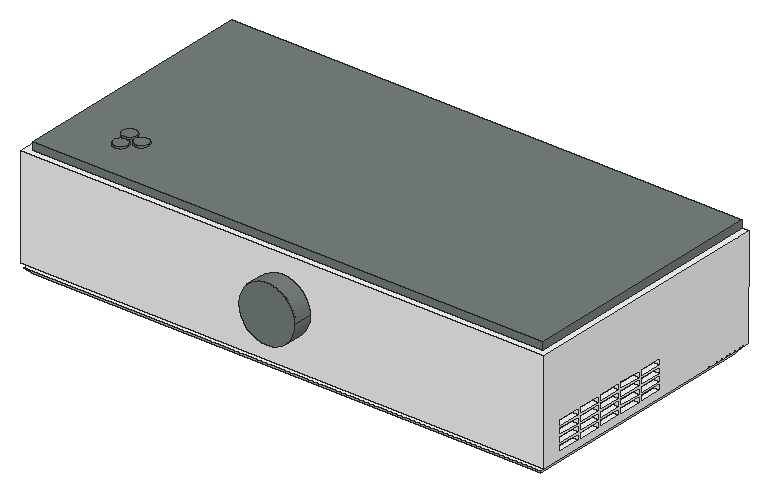
Revit family "AM 150 HHDIB", category Mechanical Equipment, Revit 2019
Family settings
  Round Connector Dimension = Use Diameter
  Part Type = Normal
  OmniClass Number = 23.75.00.00
  OmniClass Title = Climate Control (HVAC)
  Work Plane-Based = No
  Always vertical = Yes
  Cut with Voids When Loaded = No
  Shared = No
  Room Calculation Point = No
Parameters
  publication date = "09.10.2024"
  Weight (Standard Unit) = 47  # constant formula
  Water Heater Surface Return = 15 mm  # constant formula
  Water Heater Surface IN = 15 mm  # constant formula
  Version number = "1.0"
  URL = "https://www.airmaster-as.com/products/ventilation-units-wall-mounted/am-150"
  Total Width = 1170 mm  # constant formula
  Total Hight = 262 mm  # constant formula
  T-C Duct Supply = 158 mm  # constant formula
  T-C Duct Exhaust = 158 mm  # constant formula
  Supply Air in = 125 mm  # constant formula
  Suply Air In = 160 mm  # constant formula
  Return Air = 125 mm  # constant formula
  R-C Duct Supply = 105 mm  # constant formula
  Phase 1 - Max Power Consumption = "1175 W"
  Phase 1 - Max Current = "7,97 A"
  Nominal current, electrical preheating surface = "4,35 A"
  Nominal current, electrical comfort heating surface = "2,17 A"
  Nominal current, air handling unit = "0,3 A"
  Network Conection = "AWG 24 CAT 5e STP"
  Model = "AM 150 HHDIB"
  Max. flow rate 35 dB(A) with ePM10 80% filters = 120.00 m³  # constant formula
  Max. flow rate 35 dB(A) with ePM10 55% filters = 137.00 m³  # constant formula
  Max. flow rate 35 dB(A) with ePM10 50% filters = 156.00 m³  # constant formula
  Max. flow rate 30 dB(A) with ePM10 80% filters = 91.00 m³  # constant formula
  Max. flow rate 30 dB(A) with ePM10 55% filters = 98.00 m³  # constant formula
  Max. flow rate 30 dB(A) with ePM10 50% filters = 123.00 m³  # constant formula
  Manufacturer = "Airmaster A/S"
  Maintenance [instance] = no
  L-C Duct Exhaust = 105 mm  # constant formula
  Exhaust Air = 160 mm  # constant formula
  Total Depth = 571 mm  # constant formula
  Electrical connection = "1 ~ 230 V / N / PE / 50 Hz"
  Drawn By = "LSB"
  Condensate = 6 mm  # constant formula
  BMS Panel = "(PTS) 2x2x0,6"
  BMS Out = "(PTS) 2x2x0,6"
  BMS IN = "(PTS) 2x2x0,6"
Reference planes
  plane 1 "Center (Front/Back)": y = 0
  plane 2: z = 0
  plane 3 "Center (Left/Right)": x = 0
  plane 4 "Center L/S": y = -571
  plane 5 "Center L/T": x = -585
  plane 6 "Center L/U": x = 585
  plane 7 "TOP": z = 262
  plane 8 "Center L/V": x = -570
  plane 9 "Center L/W": y = -556
  plane 10 "Center L/X": x = 570
  plane 11 "Panel Buttom": z = 20.747
  plane 12 "Panel Top": z = 246.501
  plane 13 "Hatch": z = 14.5
Forms (mm)
  Extrusion 1, solid, material "AM Grey"
    sketch origin (0, 0, 0) x (1, 0, 0) y (0, 1, 0)
      loop
        line (-570, 0) -> (-570, -556) -> (570, -556) -> (570, 0) -> (-570, 0)
    from 14.5 to 262
  Extrusion 2, solid, material "AM White"
    sketch origin (794.5, -1524, 20.747) x (0, -1, 0) y (-1, 0, 0)
      loop
        line (-1524, 1379.5) -> (-1524, 1364.5) -> (-968, 1364.5) -> (-968, 224.5) -> (-1524, 224.5) -> (-1524, 209.5) -> (-953, 209.5) -> (-953, 1379.5) -> (-1524, 1379.5)
    from 0 to -225.754
  Blend 3, solid, material "AM White"
    base sketch origin (-790.646, -1524, 14.5) x (0, -1, 0) y (1, 0, 0)
      loop
        line (-953, 212.613) -> (-953, 1368.657) -> (-1524, 1368.657) -> (-1524, 212.613) -> (-953, 212.613)
    top sketch origin (-790.646, -1524, 14.5) x (0, -1, 0) y (1, 0, 0)
      loop
        line (-968, 223.963) -> (-968, 1357.646) -> (-1509.161, 1357.646) -> (-1509.161, 223.963) -> (-968, 223.963)
    from 0 to -14.5
  Extrusion 4, solid, material "AM Grey"
    sketch origin (-570, 0, 15.499) x (1, 0, 0) y (0, 0, -1)
      loop
        circle (1050, -119.501) r 78
      loop
        circle (1050, -119.501) r 77.16
    from 0 to 18.45
  Extrusion 5, solid, material "AM Grey"
    sketch origin (-785, 0, 15.499) x (1, 0, 0) y (0, 0, -1)
      loop
        circle (305, -119.501) r 78
      loop
        circle (305, -119.501) r 77.16
    from 0 to 18.45
  Extrusion 6, solid, material "Maintenece", visible <- "Maintenance"
    sketch origin (-790.646, -1524, 0) x (1, 0, 0) y (0, -1, 0)
      loop
        line (205.646, -1524) -> (1375.646, -1524) -> (1375.646, -953) -> (205.646, -953) -> (205.646, -1524)
    from 0 to 1200
  Extrusion 7, solid, material "AM Grey"
    sketch origin (-876.982, -12.495, 262) x (1, 0, 0) y (0, 1, 0)
      loop
        circle (423.027, -417.273) r 15.55
    from 0 to 3
  Extrusion 8, solid, material "AM Grey"
    sketch origin (-866.134, 5.874, 262) x (1, 0, 0) y (0, 1, 0)
      loop
        circle (447.132, -446.023) r 15.55
    from 0 to 3
  Extrusion 9, solid, material "AM Grey"
    sketch origin (-855.713, -13.073, 262) x (1, 0, 0) y (0, 1, 0)
      loop
        circle (410.201, -452.535) r 15.55
    from 0 to 3
  Extrusion 10, solid, material "AM Grey"
    sketch origin (585, -571, 20.747) x (-1, 0, 0) y (0, 0, -1)
      loop
        circle (585, -122.253) r 62.5
    from 0 to 42
  Extrusion 11, void
    sketch origin (585, 0, 20.747) x (0, 1, 0) y (0, 0, -1)
      loop
        line (-528.7, -79.253) -> (-474.7, -79.253) -> (-474.7, -65.253) -> (-528.7, -65.253) -> (-528.7, -79.253)
      loop
        line (-528.7, -62.253) -> (-474.7, -62.253) -> (-474.7, -48.253) -> (-528.7, -48.253) -> (-528.7, -62.253)
      loop
        line (-528.7, -45.253) -> (-474.7, -45.253) -> (-474.7, -31.253) -> (-528.7, -31.253) -> (-528.7, -45.253)
      loop
        line (-528.7, -28.253) -> (-474.7, -28.253) -> (-474.7, -14.253) -> (-528.7, -14.253) -> (-528.7, -28.253)
      loop
        line (-471.7, -79.253) -> (-417.7, -79.253) -> (-417.7, -65.253) -> (-471.7, -65.253) -> (-471.7, -79.253)
      loop
        line (-471.7, -62.253) -> (-417.7, -62.253) -> (-417.7, -48.253) -> (-471.7, -48.253) -> (-471.7, -62.253)
      loop
        line (-471.7, -45.253) -> (-417.7, -45.253) -> (-417.7, -31.253) -> (-471.7, -31.253) -> (-471.7, -45.253)
      loop
        line (-471.7, -28.253) -> (-417.7, -28.253) -> (-417.7, -14.253) -> (-471.7, -14.253) -> (-471.7, -28.253)
      loop
        line (-414.7, -79.253) -> (-360.7, -79.253) -> (-360.7, -65.253) -> (-414.7, -65.253) -> (-414.7, -79.253)
      loop
        line (-414.7, -62.253) -> (-360.7, -62.253) -> (-360.7, -48.253) -> (-414.7, -48.253) -> (-414.7, -62.253)
      loop
        line (-414.7, -45.253) -> (-360.7, -45.253) -> (-360.7, -31.253) -> (-414.7, -31.253) -> (-414.7, -45.253)
      loop
        line (-414.7, -28.253) -> (-360.7, -28.253) -> (-360.7, -14.253) -> (-414.7, -14.253) -> (-414.7, -28.253)
      loop
        line (-357.7, -79.253) -> (-303.7, -79.253) -> (-303.7, -65.253) -> (-357.7, -65.253) -> (-357.7, -79.253)
      loop
        line (-357.7, -62.253) -> (-303.7, -62.253) -> (-303.7, -48.253) -> (-357.7, -48.253) -> (-357.7, -62.253)
      loop
        line (-357.7, -45.253) -> (-303.7, -45.253) -> (-303.7, -31.253) -> (-357.7, -31.253) -> (-357.7, -45.253)
      loop
        line (-357.7, -28.253) -> (-303.7, -28.253) -> (-303.7, -14.253) -> (-357.7, -14.253) -> (-357.7, -28.253)
      loop
        line (-300.7, -79.253) -> (-246.7, -79.253) -> (-246.7, -65.253) -> (-300.7, -65.253) -> (-300.7, -79.253)
      loop
        line (-300.7, -62.253) -> (-246.7, -62.253) -> (-246.7, -48.253) -> (-300.7, -48.253) -> (-300.7, -62.253)
      loop
        line (-300.7, -45.253) -> (-246.7, -45.253) -> (-246.7, -31.253) -> (-300.7, -31.253) -> (-300.7, -45.253)
      loop
        line (-300.7, -28.253) -> (-246.7, -28.253) -> (-246.7, -14.253) -> (-300.7, -14.253) -> (-300.7, -28.253)
    from 0 to 15
Cuts and joins
  Extrusion 11 cuts Extrusion 2
  Extrusion 11 cuts Extrusion 1
Dimensions and locks
  "Total Depth": plane 4 "Center L/S" to plane 1 "Center (Front/Back)"
  equal spacing: plane 5 "Center L/T", plane 3 "Center (Left/Right)", plane 6 "Center L/U"
  "Total Width": plane 5 "Center L/T" to plane 6 "Center L/U"
  "Total Hight": plane 7 "TOP" to level
  locked: plane 10 "Center L/X" to plane 6 "Center L/U" at 15
  locked: plane 4 "Center L/S" to plane 9 "Center L/W" at 15
  locked: plane 5 "Center L/T" to plane 8 "Center L/V" at 15
  Extrusion 1 to Blend 3 sketch curve = 14.839 mm
  Extrusion 10 sketch curve to plane 5 "Center L/T" = 585 mm
  plane 7 "TOP" to Extrusion 10 sketch curve = 119 mm
  diameter of Extrusion 10 sketch curve = 125 mm
  aligned and locked: level to plane 2
  aligned and locked: plane 1 "Center (Front/Back)" to Extrusion 1 sketch curve
  aligned and locked: plane 8 "Center L/V" to Extrusion 1 sketch curve
  aligned and locked: Extrusion 1 sketch curve to plane 9 "Center L/W"
  aligned and locked: Extrusion 1 sketch curve to plane 10 "Center L/X"
  aligned and locked: plane 7 "TOP" to Extrusion 1
  aligned and locked: plane 5 "Center L/T" to Extrusion 2 sketch curve
  aligned and locked: plane 4 "Center L/S" to Extrusion 2 sketch curve
  aligned and locked: plane 6 "Center L/U" to Extrusion 2 sketch curve
  aligned and locked: Extrusion 2 sketch curve to Extrusion 1  (x3)
  aligned and locked: plane 1 "Center (Front/Back)" to Extrusion 2 sketch curve
  aligned and locked: Extrusion 2 to plane 12 "Panel Top"
  aligned and locked: Blend 3 to plane 2
  aligned and locked: plane 13 "Hatch" to Extrusion 1
Automatic sketch dimensions
  plane 1 "Center (Front/Back)" to Extrusion 2 sketch curve = 0 mm
  plane 1 "Center (Front/Back)" to Blend 3 sketch curve = 0 mm
  plane 4 "Center L/S" to Blend 3 sketch curve = 0 mm
  plane 5 "Center L/T" to Blend 3 sketch curve = 6.967 mm
  Blend 3 sketch curve to plane 6 "Center L/U" = 6.989 mm
  plane 9 "Center L/W" to Blend 3 sketch curve = 0 mm
  plane 8 "Center L/V" to Blend 3 sketch curve = 3.316 mm
  Blend 3 sketch curve to plane 10 "Center L/X" = 3 mm
  Extrusion 6 sketch curve to Blend 3 = 18.316 mm
  Extrusion 6 sketch curve to Blend 3 = 18 mm
  Extrusion 6 sketch curve to Blend 3 = 15 mm
  Extrusion 6 sketch curve to Blend 3 = 14.839 mm
  Extrusion 7 sketch curve to Extrusion 1 = 1023.955 mm
  Extrusion 7 sketch curve to Extrusion 1 = 126.232 mm
  Extrusion 8 sketch curve to Extrusion 1 = 989.002 mm
  Extrusion 8 sketch curve to Extrusion 1 = 115.851 mm
  Extrusion 9 sketch curve to Extrusion 1 = 1015.512 mm
  Extrusion 9 sketch curve to Extrusion 1 = 90.392 mm
  Extrusion 11 sketch curve to Extrusion 2 = 146.501 mm
  Extrusion 11 sketch curve to Extrusion 2 = 528.7 mm
  Extrusion 11 sketch curve to Extrusion 11 sketch curve = 0 mm  (x38)
  Extrusion 11 sketch curve to Extrusion 11 sketch curve = 54 mm  (x5)
  Extrusion 11 sketch curve to Extrusion 11 sketch curve = 3 mm  (x23)
  Extrusion 11 sketch curve to Extrusion 11 sketch curve = 14 mm  (x12)
  radius of Extrusion 7 sketch curve = 15.55 mm
  radius of Extrusion 8 sketch curve = 15.55 mm
  radius of Extrusion 9 sketch curve = 15.55 mm
Nested families
  nested 1: "Model Label 2019" at (0, -361.924, 0), Label <- "Model", type "Model Label 2019"
    with Label "AM 150 HHDIB"
  nested 2: "Pil Indtag" at (1085, -317.7, 0) x (-1, 0, 0) z (0, 0, 1), type "Pil Indtag"
    with dX_ 609 mm, dX 609 mm, ang2D 0.00°
Connectors
  electrical at (-453.955, -429.768, 262)
    settings: on Extrusion 7, index 13, voltage 230 V, apparent load 0 VA, apparent load phase1 0 VA, apparent load phase2 0 VA, apparent load phase3 0 VA, power factor 0.55, load classification "Other", number of poles 1, system type 30, power factor state 1, is connector primary yes, connector utility no, sub classification motor no, connector description ""
  electrical at (-419.002, -440.149, 262), driven by "BMS Out"
    settings: on Extrusion 8, index 14, voltage 0 V, apparent load 0 VA, apparent load phase1 0 VA, apparent load phase2 0 VA, apparent load phase3 0 VA, power factor 1, load classification "Other", number of poles 1, system type 5, power factor state 1, is connector primary no, connector utility no, sub classification motor no, connector description "(PTS) 2x2x0,6"
  electrical at (-445.512, -465.608, 262), driven by "BMS IN"
    settings: on Extrusion 9, index 15, voltage 0 V, apparent load 0 VA, apparent load phase1 0 VA, apparent load phase2 0 VA, apparent load phase3 0 VA, power factor 1, load classification "Other", number of poles 1, system type 5, power factor state 1, is connector primary no, connector utility no, sub classification motor no, connector description "(PTS) 2x2x0,6"
  hvac at (0, -571, 143)
    settings: on Extrusion 10, index 16, duct flow 0.0 L/s, flow factor 0, pres drop 0.0 Pa, loss coef 0, conn angle 0.00°, conn width 304.8 mm, conn height 304.8 mm, conn diameter 125 mm, duct sys type 1, conn prof type 0, flow config 2, flow direction 2, loss method 0, conn ref index -1, conn util no, is conn primary yes, conn desc ""
  hvac at (-480, 0, 135), driven by "Exhaust Air"
    settings: on Extrusion 5, index 17, duct flow 0.0 L/s, flow factor 0, pres drop 0.0 Pa, loss coef 0, conn angle 0.00°, conn width 304.8 mm, conn height 304.8 mm, conn diameter 160 mm, duct sys type 3, conn prof type 0, flow config 2, flow direction 2, loss method 0, conn ref index -1, conn util no, is conn primary no, conn desc ""
  hvac at (480, 0, 135), driven by "Suply Air In"
    settings: on Extrusion 4, index 18, duct flow 0.0 L/s, flow factor 0, pres drop 0.0 Pa, loss coef 0, conn angle 0.00°, conn width 304.8 mm, conn height 304.8 mm, conn diameter 160 mm, duct sys type 1, conn prof type 0, flow config 2, flow direction 1, loss method 0, conn ref index -1, conn util no, is conn primary no, conn desc ""
Definition of nested family "Model Label 2019"
  Parameters (values of type "Model Label 2019")
    Label [instance] = ""
  Reference planes
    plane 1: y = 0
    plane 2: x = 0
  Text (mm)
    label "Label" at (-0.131, 0.049, 0), shows "Label"
Definition of nested family "Pil Indtag"
  Parameters (values of type "Pil Indtag")
    dX_ [instance] = if(dX = 0 mm, 1 mm, dX)  # 609 mm
    dX [instance] = 609 mm
    ang2D [instance] = 0.00°
    Type Comments = "DO NOT CHANGE dX value from 608 mm ( 2 ft )"
    Afstand pil = 50 mm
  Reference planes
    plane 1 "Center (Front/Back)": y = 0
    plane 2: z = 0
    plane 3 "Center (Left/Right)": x = 0
    plane 4: x = 500
  Lines and regions (mm)
    Filled region 1, type "Concrete", in view "Ref. Level"
      outline origin (0, 0, 0) x (1, 0, 0) y (0, 1, 0)
        loop
          line (499.552, 0) -> (401.072, 17.365) -> (401.072, -17.365) -> (499.552, 0)
    reference lines, in view "Ref. Level"
      curve 1: line (50, 134.129, 0) -> (50, -145.871, 0)
    detail lines, in view "Ref. Level", not visible
      curve 2: arc (335, 0, 0) -> (385.559, -50.321, 0) -> (434.999, 1.101, 0) r 50.01
      curve 3: arc (335, 0, 0) -> (285.666, 52.633, 0) -> (235.069, 1.212, 0) r 50.01
      curve 4: line (434.999, 1.101, 0) -> (434.999, 21.156, 0)
      curve 5: line (235.069, 1.212, 0) -> (235.069, -18.844, 0)
    detail lines, in view "Ref. Level"
      curve 6: arc (225.332, 0, 0) -> (272.332, -35.211, 0) -> (294.114, 19.326, 0) r 36.995
      curve 7: arc (225.206, 0, 0) -> (173.868, 30.307, 0) -> (156.85, -26.829, 0) r 37.835
      curve 8: line (499.552, 0, 0) -> (401.072, 17.365, 0)
      curve 9: line (401.072, 17.365, 0) -> (401.072, -17.365, 0)
      curve 10: line (401.072, -17.365, 0) -> (499.552, 0, 0)
      curve 11: line (499.552, 0, 0) -> (-15.448, 0, 0)
  Dimensions and locks
    "Afstand pil": plane 3 "Center (Left/Right)" to curve 1
    plane 3 "Center (Left/Right)" to plane 4 = 500 mm
  Automatic sketch dimensions
    plane 1 "Center (Front/Back)" to Filled region 1 sketch curve = 0 mm
    Filled region 1 sketch curve to plane 4 = 0.448 mm
    plane 1 "Center (Front/Back)" to Filled region 1 sketch curve = 17.365 mm
    Filled region 1 sketch curve to plane 4 = 98.928 mm
    Filled region 1 sketch curve to plane 1 "Center (Front/Back)" = 17.365 mm
    plane 1 "Center (Front/Back)" to curve 11 = 0 mm
    plane 1 "Center (Front/Back)" to curve 7 = 4.913 mm
    plane 3 "Center (Left/Right)" to curve 7 = 187.691 mm
    curve 6 to plane 1 "Center (Front/Back)" = 0.405 mm
    curve 7 to curve 6 = 74.634 mm
    curve 9 to plane 1 "Center (Front/Back)" = 17.365 mm
    curve 9 to plane 4 = 98.928 mm
    curve 11 to plane 4 = 0.448 mm
    plane 1 "Center (Front/Back)" to curve 10 = 17.365 mm
    curve 7 to curve 7 = 30.842 mm
    curve 11 to plane 3 "Center (Left/Right)" = 15.448 mm
    curve 7 to curve 6 = 37.119 mm
    curve 7 to curve 6 = 0.126 mm
    curve 6 to plane 1 "Center (Front/Back)" = 19.326 mm
    plane 1 "Center (Front/Back)" to curve 1 = 145.871 mm
    curve 1 to plane 1 "Center (Front/Back)" = 134.129 mm
